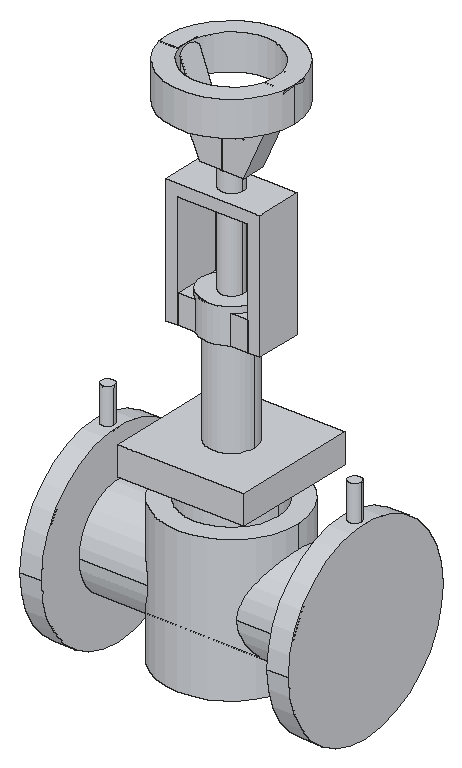
Revit family "Sigma_Compact_DN050-LF_PN16_RFA_2018", category Pipe Accessories, Revit 2018
Family settings
  Round Connector Dimension = Use Diameter
  Part Type = Valve - Breaks Into
  Work Plane-Based = No
  Always vertical = Yes
  Cut with Voids When Loaded = No
  Shared = No
Parameters (values of type "Sigma Compact DN 050 LF PN16")
  magiProductId = "7ce002c265594233b83d195dc264f1"
  magiProductFamilyId = "111bdfd32e424cd9a1e5f1ca7ea2b6"
  magiPartTypeId = 304
  isMeasuringValve [instance] = no
  ang2D [instance] = 0.00°
  W2D = 50 mm
  VersionID = "2.0/2018.12.13.2/FRESE_SIGMA_C_BIG_Q13_001"
  Use Minimum Symbol Size [instance] = no
  URL = "www.hydronix.cz"
  Type Comments = "přírubový; PN16; max dp=800kPa; 0~+120°C; max uzavírací tlak 1MPa"
  R4 = 40.25 mm
  R3 = 42.9 mm
  R1 = 57.5 mm
  QmdConnectorList = "301;D;302;D"
  Productdata [instance] = ""
  Manufacturer = "Hydronix"
  Maintenance Zone Under Depth [instance] = 100 mm
  Maintenance Zone Right Depth [instance] = 100 mm
  Maintenance Zone Over Depth [instance] = 100 mm
  Maintenance Zone Left Depth [instance] = 100 mm
  Maintenance Zone Front Depth [instance] = 100 mm
  Maintenance Zone Back Depth [instance] = 100 mm
  Maintenance Zone Front Visibility [instance] = no
  MC Use Limits From Balancing Method = no
  MC Throttling Minimum Value = 0
  MC Throttling Maximum Value = 0
  MC Product Code = "53-2400 DN50; PN16; (2480-15000 l/h); kvs=34"
  MC Pressure Drop Minimum Value = 0.0 Pa
  MC Pressure Drop Maximum Value = 0.0 Pa
  MC Piping Given Pressure Drop [instance] = 0.0 Pa
  LF__ve = -LF  # -18.4 mm
  LF2 = 9.2 mm
  LF = 18.4 mm
  L432 = 18.917 mm
  L43 = 37.835 mm
  L42 = 54.05 mm
  L4 = 108.1 mm
  L3 = 193.2 mm
  L2D_Min = 30.48 mm
  L2D = 230 mm
  L2 = 115 mm
  HH12 = 16.5 mm
  HH1 = 33 mm
  HDF__ve = -HDF  # -202 mm
  HDF = 202 mm
  H6 = 85 mm
  H4 = 24.75 mm
  H3 = 20.625 mm
  H2 = 61.875 mm
  H11 = 123.75 mm
  H1 = 480 mm
  H = 367 mm
  Description = "Automatický vyvažovací ventil"
  DF2 = 82.5 mm
  D = 50 mm
  Clearance Zone Height Depth [instance] = 100 mm
  Clearance Zone Circular Radius [instance] = 115 mm
  Clearance Zone Visibility [instance] = no
  CAT0 = yes
Types (9, lengths in mm): name | magiProductId | Type Comments | R4 | R3 | R1 | MC Product Code | LF__ve | LF2 | LF | L432 | L43 | L42 | L4 | L3 | L2 | HH12 | HH1 | HDF__ve | HDF | H4 | H3 | H2 | H11 | H1 | H | DF2 | D | Clearance Zone Circular Radius
  Sigma Compact DN 050 LF PN16 | "7ce002c265594233b83d195dc264f1" | "přírubový; PN16; max dp=800kPa; 0~+120°C; max uzavírací tlak 1MPa" | 40.25 | 42.9 | 57.5 | "53-2400 DN50; PN16; (2480-15000 l/h); kvs=34" | -18.4 | 9.2 | 18.4 | 18.917 | 37.835 | 54.05 | 108.1 | 193.2 | 115 | 16.5 | 33 | -202 | 202 | 24.75 | 20.625 | 61.875 | 123.75 | 480 | 367 | 82.5 | 50 | 115
  Sigma Compact DN 065 LF PN16 | "7b440009bc83499eb1c9a6fd3b4fee" | "přírubový; PN16; max dp=800kPa; 0~+120°C; max uzavírací tlak 1MPa" | 50.75 | 48.1 | 72.5 | "53-2401 DN65; PN16; (4380-25000 l/h); kvs=50" | -23.2 | 11.6 | 23.2 | 23.853 | 47.705 | 68.15 | 136.3 | 243.6 | 145 | 16.5 | 33 | -199 | 199 | 27.75 | 23.125 | 69.375 | 138.75 | 497 | 384 | 92.5 | 65 | 145
  Sigma Compact DN 080 LF PN16 | "c04670cd33374e61a046fccc79a79b" | "přírubový; PN16; max dp=800kPa; 0~+120°C; max uzavírací tlak 1MPa" | 54.25 | 52 | 77.5 | "53-2402 DN80; PN16; (5340-34000 l/h); kvs=68" | -24.8 | 12.4 | 24.8 | 25.497 | 50.995 | 72.85 | 145.7 | 260.4 | 155 | 16.5 | 33 | -213 | 213 | 30 | 25 | 75 | 150 | 526 | 413 | 100 | 80 | 155
  Sigma Compact DN 100 LF PN16 | "e9669c3b3cb042d39f52f9a3f8394b" | "přírubový; PN16; max dp=800kPa; 0~+120°C; max uzavírací tlak 1MPa" | 61.25 | 61.1 | 87.5 | "53-2403 DN100; PN16; (12100-68000 l/h); kvs=115" | -28 | 14 | 28 | 28.788 | 57.575 | 82.25 | 164.5 | 294 | 175 | 34 | 68 | -331 | 331 | 35.25 | 29.375 | 88.125 | 176.25 | 714 | 566 | 117.5 | 100 | 175
  Sigma Compact DN 125 LF PN16 | "72414964175c4f3999d5daaa67221e" | "přírubový; PN16; max dp=800kPa; 0~+120°C; max uzavírací tlak 1MPa" | 70 | 70.2 | 100 | "53-2404 DN125; PN16; (18500-110000 l/h); kvs=186" | -32 | 16 | 32 | 32.9 | 65.8 | 94 | 188 | 336 | 200 | 36.5 | 73 | -338 | 338 | 40.5 | 33.75 | 101.25 | 202.5 | 761 | 608 | 135 | 125 | 200
  Sigma Compact DN 150 LF PN16 | "cb5ac98de80a46389b4a96eb8539c2" | "přírubový; PN16; max dp=800kPa; 0~+110°C; max uzavírací tlak 1MPa" | 84 | 74.1 | 120 | "53-2405 DN150; PN16; (25600-148000 l/h); kvs=250" | -38.4 | 19.2 | 38.4 | 39.48 | 78.96 | 112.8 | 225.6 | 403.2 | 240 | 13 | 26 | -391 | 391 | 42.75 | 35.625 | 106.875 | 213.75 | 782 | 676 | 142.5 | 150 | 240
  Sigma Compact DN 200 LF PN16 | "bd9983fcf82240be8b5626661ef83b" | "přírubový; PN16; max dp=800kPa; 0~+110°C; max uzavírací tlak 1MPa" | 105 | 98.8 | 150 | "53-2406 DN200; PN16; (95000-210000 l/h); kvs=371" | -48 | 24 | 48 | 49.35 | 98.7 | 141 | 282 | 504 | 300 | 29.5 | 59 | -334 | 334 | 57 | 47.5 | 142.5 | 285 | 853 | 714 | 190 | 200 | 300
  Sigma Compact DN 250 LF PN16 | "6516628c9ce0481f89e5702e575104" | "přírubový; PN16; max dp=800kPa; 0~+110°C; max uzavírací tlak 1MPa" | 127.75 | 115.44 | 182.5 | "53-2407 DN250; PN16; (190000-475000 l/h); kvs=803" | -58.4 | 29.2 | 58.4 | 60.042 | 120.085 | 171.55 | 343.1 | 613.2 | 365 | 29 | 58 | -462 | 462 | 66.6 | 55.5 | 166.5 | 333 | 1044 | 906 | 222 | 250 | 365
  Sigma Compact DN 300 LF PN16 | "f16ecb3a8ad443e99405ecd1e4779a" | "přírubový; PN16; max dp=800kPa; 0~+110°C; max uzavírací tlak 1MPa" | 148.75 | 135.2 | 212.5 | "53-2408 DN300; PN16; (190000-475000 l/h); kvs=803" | -68 | 34 | 68 | 69.912 | 139.825 | 199.75 | 399.5 | 714 | 425 | 29 | 58 | -424 | 424 | 78 | 65 | 195 | 390 | 1082 | 944 | 260 | 300 | 425
Reference planes
  plane 1 "Center (Front/Back)": y = 0
  plane 2 "XYPLANE": z = 0
  plane 3 "Center (Left/Right)": x = 0
  plane 4 "298": y = -182.5
  plane 5 "297": y = 182.5
  plane 6 "296": y = -82.5
  plane 7 "295": y = 82.5
  plane 8 "294": z = -182.5
  plane 9 "293": z = 497.5
  plane 10 "292": x = -215
  plane 11 "291": x = 215
  plane 12 "290": z = 497.5
  plane 13 "256": y = -20
  plane 14 "254": z = 291
  plane 15 "253": z = 301
  plane 16 "252": x = -40
  plane 17 "251": x = -30
  plane 18 "250": x = 40
  plane 19 "249": x = 30
  plane 20 "247": z = 192.25
  plane 21 "244": z = 284.5
  plane 22 "243": x = 54.05
  plane 23 "242": x = 37.835
  plane 24 "241": x = 18.917
  plane 25 "240": y = -10
  plane 26 "238": x = -18.917
  plane 27 "237": x = -37.835
  plane 28 "236": z = 317.5
  plane 29 "235": z = 347.5
  plane 30 "234": x = -54.05
  plane 31 "225": z = 397.5
  plane 32 "224": z = -82.5
  plane 33 "157": x = 105.8
  plane 34 "156": x = -105.8
  plane 35 "155": z = 82.5
  plane 36 "154": z = 107.25
  plane 37 "153": z = 82.5
  plane 38 "152": z = 61.875
  plane 39 "151": x = -96.6
  plane 40 "150": z = -61.875
  plane 41 "149": x = 0
  plane 42 "148": y = 0
  plane 43 "147": z = 0
  plane 44 "146": x = -115
  plane 45 "145": x = 115
Forms (mm)
  Blend 1, solid, visible <- "Maintenance Zone Front Visibility"
    base sketch origin (-750, 0, 497.5) x (1, 0, 0) y (0, 1, 0)
      loop
        line (535, 182.5) -> (535, -182.5) -> (965, -182.5) -> (965, 182.5) -> (535, 182.5)
    top sketch origin (-750, 0, 497.5) x (1, 0, 0) y (0, 1, 0)
      loop
        line (535, 182.5) -> (535, -182.5) -> (965, -182.5) -> (965, 182.5) -> (535, 182.5)
    from 0 to -680
  Blend 2, solid, visible <- "Clearance Zone Visibility"
    base sketch origin (-750, 0, 0) x (1, 0, 0) y (0, 1, 0)
      loop
        circle (750, 0) r 115
    top sketch origin (-750, 0, 0) x (1, 0, 0) y (0, 1, 0)
      loop
        circle (750, 0) r 115
    from 0 to 497.5
  Extrusion 3, solid
    sketch origin (-750, 0, 284.5) x (1, 0, 0) y (0, 1, 0)
      loop
        circle (750, 0) r 10
    from 0 to -202 <- "HDF__ve"
  Extrusion 4, solid
    sketch origin (-750, 0, 192.25) x (1, 0, 0) y (0, 1, 0)
      loop
        line (780, 20) -> (720, 20) -> (720, -20) -> (780, -20) -> (780, 20)
    from 0 to 25
  Extrusion 5, solid
    sketch origin (750, -20, 0) x (-1, 0, 0) y (0, 0, 1)
      loop
        line (790, 192.25) -> (790, 301) -> (710, 301) -> (710, 192.25) -> (720, 192.25) -> (720, 291) -> (780, 291) -> (780, 192.25) -> (790, 192.25)
    from 0 to 40
  Extrusion 6, solid
    sketch origin (-750, 0, 192.25) x (1, 0, 0) y (0, 1, 0)
      loop
        circle (750, 0) r 25
    from 0 to 30
  Extrusion 7, solid
    sketch origin (750, -10, 0) x (-1, 0, 0) y (0, 0, 1)
      loop
        line (787.835, 397.5) -> (768.917, 347.5) -> (750, 347.5) -> (750, 317.5) -> (768.917, 317.5) -> (804.05, 397.5) -> (787.835, 397.5)
    from 0 to 20
  Extrusion 8, solid
    sketch origin (750, -10, 0) x (-1, 0, 0) y (0, 0, 1)
      loop
        line (712.165, 397.5) -> (695.95, 397.5) -> (731.083, 317.5) -> (750, 317.5) -> (750, 347.5) -> (731.083, 347.5) -> (712.165, 397.5)
    from 0 to 20
  Extrusion 9, solid
    sketch origin (-750, 0, 284.5) x (1, 0, 0) y (0, 1, 0)
      loop
        circle (750, 0) r 10
    from 0 to 33 <- "HH1"
  Extrusion 10, solid
    sketch origin (-750, 0, 397.5) x (1, 0, 0) y (0, 1, 0)
      loop
        circle (750, 0) r 54.05
      loop
        circle (750, 0) r 37.835
    from 0 to -30
  Extrusion 11, solid, visible <- "CAT0"
    sketch origin (-750, 0, 82.5) x (1, 0, 0) y (0, 1, 0)
      loop
        circle (855.8, 0) r 5.5
    from 0 to 30
  Extrusion 12, solid, visible <- "CAT0"
    sketch origin (-750, 0, 82.5) x (1, 0, 0) y (0, 1, 0)
      loop
        circle (644.2, 0) r 5.5
    from 0 to 30
  Extrusion 13, solid, visible <- "CAT0"
    sketch origin (-750, 0, 107.25) x (1, 0, 0) y (0, 1, 0)
      loop
        circle (750, 0) r 20
    from 0 to 85 <- "H6"
  Extrusion 14, solid, visible <- "CAT0"
    sketch origin (-750, 0, 82.5) x (1, 0, 0) y (0, 1, 0)
      loop
        line (804.05, 54.05) -> (695.95, 54.05) -> (695.95, -54.05) -> (804.05, -54.05) -> (804.05, 54.05)
    from 0 to 24.75 <- "H4"
  Extrusion 15, solid, visible <- "CAT0"
    sketch origin (-750, 0, 61.875) x (1, 0, 0) y (0, 1, 0)
      loop
        circle (750, 0) r 40.25
    from 0 to 20.625 <- "H3"
  Extrusion 16, solid, visible <- "CAT0"
    sketch origin (-96.6, -750, 0) x (0, 1, 0) y (0, 0, 1)
      loop
        circle (750, 0) r 42.9
    from 0 to 193.2 <- "L3"
  Extrusion 17, solid, visible <- "CAT0"
    sketch origin (-750, 0, -61.875) x (1, 0, 0) y (0, 1, 0)
      loop
        circle (750, 0) r 57.5
    from 0 to 123.75 <- "H11"
  Extrusion 18, solid, visible <- "CAT0"
    sketch origin (-115, -750, 0) x (0, 1, 0) y (0, 0, 1)
      loop
        circle (750, 0) r 82.5
    from 0 to 18.4 <- "LF"
  Extrusion 19, solid, visible <- "CAT0"
    sketch origin (115, -750, 0) x (0, 1, 0) y (0, 0, 1)
      loop
        circle (750, 0) r 82.5
    from 0 to -18.4 <- "LF__ve"
  Extrusion 20, solid, not visible
    sketch origin (-115, -750, 0) x (0, 1, 0) y (0, 0, 1)
      loop
        circle (750, 0) r 10
    from 0 to 10
  Extrusion 21, solid, not visible
    sketch origin (115, -750, 0) x (0, 1, 0) y (0, 0, 1)
      loop
        circle (750, 0) r 10
    from 0 to -10
Lines and regions (mm)
  reference lines, not visible
    curve 1: circle (2, 2, 0) r 1 normal (0, 0, 1)
  reference lines
    curve 2: circle (0, 0, 82.5) r 1 normal (0, 0, 1)
Dimensions and locks
  plane 1 "Center (Front/Back)" to curve 1 = 2 mm
  "Maintenance Zone Front Depth": plane 6 "296" to plane 4 "298"
  "Maintenance Zone Back Depth": plane 7 "295" to plane 5 "297"
  "DF2": plane 42 "148" to plane 6 "296"
  "DF2": plane 42 "148" to plane 7 "295"
  "Maintenance Zone Under Depth": plane 32 "224" to plane 8 "294"
  "Maintenance Zone Over Depth": plane 31 "225" to plane 9 "293"
  "Maintenance Zone Left Depth": plane 44 "146" to plane 10 "292"
  "Maintenance Zone Right Depth": plane 45 "145" to plane 11 "291"
  "Clearance Zone Height Depth": plane 31 "225" to plane 12 "290"
  locked: plane 25 "240" to plane 13 "256" at 10
  locked: plane 15 "253" to plane 14 "254" at 10
  "HH12": plane 21 "244" to plane 15 "253"
  locked: plane 17 "251" to plane 16 "252" at 10
  locked: plane 41 "149" to plane 17 "251" at 30
  locked: plane 19 "249" to plane 18 "250" at 10
  locked: plane 41 "149" to plane 19 "249" at 30
  "H6": plane 36 "154" to plane 20 "247"
  "H": plane 32 "224" to plane 21 "244"
  "L42": plane 41 "149" to plane 22 "243"
  "L43": plane 41 "149" to plane 23 "242"
  "L432": plane 41 "149" to plane 24 "241"
  locked: plane 42 "148" to plane 25 "240" at 10
  "L432": plane 41 "149" to plane 26 "238"
  "L43": plane 41 "149" to plane 27 "237"
  locked: plane 29 "235" to plane 28 "236" at 30
  locked: plane 31 "225" to plane 29 "235" at 50
  "L42": plane 41 "149" to plane 30 "234"
  "H1": plane 32 "224" to plane 31 "225"
  "DF2": plane 2 "XYPLANE" to plane 32 "224"
  "LF2": plane 45 "145" to plane 33 "157"
  "LF2": plane 44 "146" to plane 34 "156"
  "DF2": plane 2 "XYPLANE" to plane 35 "155"
  "H4": plane 37 "153" to plane 36 "154"
  "H3": plane 38 "152" to plane 37 "153"
  "H11": plane 40 "150" to plane 38 "152"
  "LF": plane 44 "146" to plane 39 "151"
  "H2": plane 2 "XYPLANE" to plane 40 "150"
  locked: plane 3 "Center (Left/Right)" to plane 41 "149"
  locked: plane 1 "Center (Front/Back)" to plane 42 "148"
  locked: plane 2 "XYPLANE" to plane 43 "147"
  "L2": plane 3 "Center (Left/Right)" to plane 44 "146"
  "L2": plane 3 "Center (Left/Right)" to plane 45 "145"
  Blend 1 sketch curve to Blend 1 sketch curve = 0 mm  (x16)
  Extrusion 4 sketch curve to Extrusion 4 sketch curve = 0 mm  (x8)
  Extrusion 5 sketch curve to Extrusion 5 sketch curve = 0 mm  (x16)
  Extrusion 7 sketch curve to Extrusion 7 sketch curve = 0 mm  (x12)
  Extrusion 8 sketch curve to Extrusion 8 sketch curve = 0 mm  (x12)
  equal spacing: Extrusion 14 sketch curve, curve 2, Extrusion 14 sketch curve  (x2)
  "L4": Extrusion 14 sketch curve to Extrusion 14 sketch curve  (x2)
  Extrusion 14 sketch curve to Extrusion 14 sketch curve = 0 mm  (x8)
  "Clearance Zone Circular Radius": radius of Blend 2 sketch curve  (x2)
  "L42": radius of Extrusion 10 sketch curve
  "L43": radius of Extrusion 10 sketch curve
  "R4": radius of Extrusion 15 sketch curve
  "R3": radius of Extrusion 16 sketch curve
  "R1": radius of Extrusion 17 sketch curve
  "DF2": radius of Extrusion 18 sketch curve
  "DF2": radius of Extrusion 19 sketch curve
  aligned and locked: level to plane 2 "XYPLANE"
  aligned and locked: Blend 1 sketch curve to plane 5 "297"  (x2)
  aligned and locked: plane 10 "292" to Blend 1 sketch curve  (x4)
  aligned and locked: plane 11 "291" to Blend 1 sketch curve  (x4)
  aligned and locked: plane 5 "297" to Blend 1 sketch curve  (x2)
  aligned and locked: plane 4 "298" to Blend 1 sketch curve  (x4)
  aligned and locked: Blend 1 to plane 8 "294"
  aligned and locked: plane 41 "149" to Blend 2 sketch curve  (x2)
  aligned and locked: plane 42 "148" to Blend 2 sketch curve  (x2)
  aligned and locked: plane 12 "290" to Blend 2
  aligned and locked: plane 41 "149" to Extrusion 3 sketch curve
  aligned and locked: plane 42 "148" to Extrusion 3 sketch curve
  aligned and locked: Extrusion 5 sketch curve to plane 16 "252"
  aligned and locked: plane 20 "247" to Extrusion 5 sketch curve  (x4)
  aligned and locked: plane 15 "253" to Extrusion 5 sketch curve  (x2)
  aligned and locked: plane 16 "252" to Extrusion 5 sketch curve
  aligned and locked: plane 18 "250" to Extrusion 5 sketch curve  (x2)
  aligned and locked: plane 19 "249" to Extrusion 5 sketch curve  (x2)
  aligned and locked: plane 14 "254" to Extrusion 5 sketch curve  (x2)
  aligned and locked: plane 17 "251" to Extrusion 5 sketch curve  (x2)
  aligned and locked: plane 41 "149" to Extrusion 6 sketch curve
  aligned and locked: plane 42 "148" to Extrusion 6 sketch curve
  aligned and locked: plane 27 "237" to Extrusion 7 sketch curve
  aligned and locked: plane 31 "225" to Extrusion 7 sketch curve  (x2)
  aligned and locked: plane 26 "238" to Extrusion 7 sketch curve  (x2)
  aligned and locked: plane 29 "235" to Extrusion 7 sketch curve  (x2)
  aligned and locked: plane 41 "149" to Extrusion 7 sketch curve  (x2)
  aligned and locked: plane 28 "236" to Extrusion 7 sketch curve  (x2)
  aligned and locked: plane 30 "234" to Extrusion 7 sketch curve
  aligned and locked: plane 23 "242" to Extrusion 8 sketch curve
  aligned and locked: plane 31 "225" to Extrusion 8 sketch curve  (x2)
  aligned and locked: plane 24 "241" to Extrusion 8 sketch curve  (x2)
  aligned and locked: plane 29 "235" to Extrusion 8 sketch curve  (x2)
  aligned and locked: plane 41 "149" to Extrusion 8 sketch curve  (x2)
  aligned and locked: plane 28 "236" to Extrusion 8 sketch curve  (x2)
  aligned and locked: plane 22 "243" to Extrusion 8 sketch curve
  aligned and locked: plane 41 "149" to Extrusion 9 sketch curve
  aligned and locked: plane 42 "148" to Extrusion 9 sketch curve
  aligned and locked: plane 41 "149" to Extrusion 10 sketch curve  (x2)
  aligned and locked: plane 42 "148" to Extrusion 10 sketch curve  (x2)
  aligned and locked: plane 33 "157" to Extrusion 11 sketch curve
  aligned and locked: plane 42 "148" to Extrusion 11 sketch curve
  aligned and locked: plane 34 "156" to Extrusion 12 sketch curve
  aligned and locked: plane 42 "148" to Extrusion 12 sketch curve
  aligned and locked: plane 41 "149" to Extrusion 13 sketch curve
  aligned and locked: plane 42 "148" to Extrusion 13 sketch curve
  aligned and locked: plane 41 "149" to curve 2
  aligned and locked: plane 42 "148" to curve 2
  aligned and locked: plane 41 "149" to Extrusion 15 sketch curve
  aligned and locked: plane 42 "148" to Extrusion 15 sketch curve
  aligned and locked: Extrusion 16 sketch curve to plane 42 "148"
  aligned and locked: plane 43 "147" to Extrusion 16 sketch curve
  aligned and locked: plane 41 "149" to Extrusion 17 sketch curve
  aligned and locked: plane 42 "148" to Extrusion 17 sketch curve
  aligned and locked: Extrusion 18 sketch curve to plane 42 "148"
  aligned and locked: plane 43 "147" to Extrusion 18 sketch curve
  aligned and locked: Extrusion 19 sketch curve to plane 42 "148"
  aligned and locked: plane 43 "147" to Extrusion 19 sketch curve
  aligned and locked: Extrusion 20 sketch curve to plane 42 "148"
  aligned and locked: plane 43 "147" to Extrusion 20 sketch curve
  aligned and locked: Extrusion 21 sketch curve to plane 42 "148"
  aligned and locked: plane 43 "147" to Extrusion 21 sketch curve
Automatic sketch dimensions
  plane 26 "238" to Extrusion 3 sketch curve = 8.917 mm
  Extrusion 4 sketch curve to plane 17 "251" = 0 mm
  Extrusion 4 sketch curve to plane 13 "256" = 0 mm
  Extrusion 4 sketch curve to plane 19 "249" = 0 mm
  Extrusion 4 sketch curve to plane 1 "Center (Front/Back)" = 20 mm
  plane 17 "251" to Extrusion 6 sketch curve = 5 mm
  plane 26 "238" to Extrusion 9 sketch curve = 8.917 mm
  Extrusion 11 sketch curve to plane 33 "157" = 5.5 mm
  plane 44 "146" to Extrusion 12 sketch curve = 3.7 mm
  Extrusion 13 sketch curve to plane 26 "238" = 1.083 mm
  Extrusion 20 sketch curve to plane 25 "240" = 0 mm
  Extrusion 21 sketch curve to plane 25 "240" = 0 mm
  plane 3 "Center (Left/Right)" to curve 1 = 2 mm
  Extrusion 14 sketch curve to plane 30 "234" = 0 mm
  plane 6 "296" to Extrusion 14 sketch curve = 28.45 mm
  radius of curve 2 = 1 mm
  radius of curve 1 = 1 mm
Connectors
  piping at (-115, 0, 0), diameter 50, driven by "D"
    settings: on Extrusion 20, index 1, connector inside diameter 609.6 mm, connector length 0 mm, flow factor 0, pipe flow 0.0 L/s, pressure drop 0.0 Pa, fitting loss kfactor 0, connector angle 0.00°, fixture units 0, engagement length 0 mm, angle of deflection 0.00°, flow configuration 0, flow direction 0, fitting loss method 0, system type 29, joint type 0, gender type 0, connector reference index 2, connector utility 0, adjustable connector no, is connector primary yes, connector description ""
  piping at (115, 0, 0), diameter 50, driven by "D"
    settings: on Extrusion 21, index 2, connector inside diameter 609.6 mm, connector length 0 mm, flow factor 0, pipe flow 0.0 L/s, pressure drop 0.0 Pa, fitting loss kfactor 0, connector angle 0.00°, fixture units 0, engagement length 0 mm, angle of deflection 0.00°, flow configuration 0, flow direction 0, fitting loss method 0, system type 29, joint type 0, gender type 0, connector reference index 1, connector utility 0, adjustable connector no, is connector primary no, connector description ""
